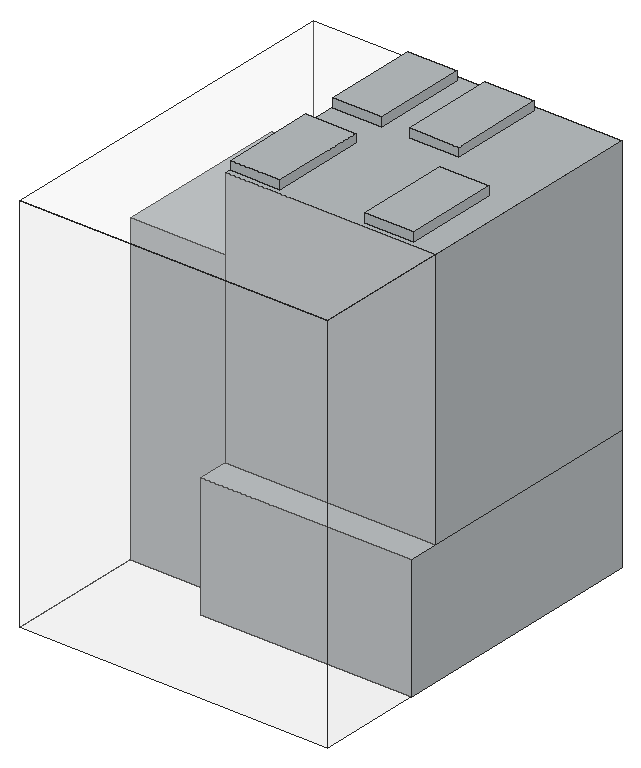
Revit family "lpb-350_500kx5-k_50Hz", category 機械設備, Revit 2019
Family settings
  丸型コネクタ寸法 = 直径を使用
  パーツ タイプ = 標準
  OmniClass 番号 = 23.75.10.34.21
  OmniClass タイトル = Heat Exchangers for Ventilation Air
  作業面ベース = いいえ
  常に垂直 = はい
  ロード時にボイドで切り取り = いいえ
  共有 = いいえ
  部屋計算ポイント = いいえ
Parameters (values of type "LPB-350KX5-K")
  騒音レベル(dB(A)) = 51
  風量 = 3500.0 m³/h
  面風速 = 6.43 m/s
  電源種別 [instance] = ""
  電圧 = 200 V
  電動機出力 = 2.2 W
  集中コントローラ = ""
  運転質量 = 0.00 kg
  連動 [instance] = ""
  質量 = if(製品質量 > 運転質量, 製品質量, 運転質量) * 1.2  # 700.80 kg
  負荷分類 = 3_ファン類
  説明 = "設備用ロスナイ 床置ビルトイン形機械室設置タイプ加湿付"
  設計風量 = 0.0 m³/h
  設置方法 = "床置形"
  記号 [instance] = ""
  製造元 = "三菱電機株式会社"
  製品質量 = 584.00 kg
  製品出荷対象 = "国内"
  製品リリース年月 = "2018/7/25"
  製品グループ = ""
  給水管_Width = 46 mm
  給水管_H = 316 mm
  給水管_D = 131 mm
  系統 [instance] = ""
  符号 = "HEU"
  積算_科目 = "1 空気調和設備"
  積算_拾い区分 [instance] = ""
  相 = 3
  盤記号 [instance] = ""
  発停方法 [instance] = ""
  特殊仕様 [instance] = ""
  火災停止 [instance] = ""
  温度交換効率 = 77.00%
  消費電力 = 2550 W
  法定耐用年数 = "15"
  機外静圧_排気 = 196.0 Pa
  機外静圧 = 196.0 Pa
  極数 = 3
  材質 [instance] = ""
  本体固定用穴ピッチ3 = 300 mm
  本体固定用穴ピッチ2 = 650 mm
  本体固定用穴ピッチ1 = 1710 mm
  本体固定用穴_径 = 20 mm
  本体マテリアル = 溶融亜鉛めっき鋼板
  有効加湿量 = 8.8
  操作・制御方式 = ""
  操作・制御スイッチ = ""
  排気量 = 0.0 m³/h
  形式 = "床置形"
  幹線記号 [instance] = ""
  対象室 [instance] = ""
  実風量 = 0.0 m³/h
  始動方式 [instance] = "直入"
  外気量 = 0.0 m³/h
  呼称 = "全熱交換ユニット"
  周波数 = 50 Hz
  参照している仕様書等のバージョン = "公共建築工事標準仕様書（機械設備工事編）平成31年度版"
  加湿給水管径 = 21.7 mm
  初期抵抗 = 0.0 Pa
  分類コード = "50052504100050"
  分類グループ = ""
  価格 = 8395000
  企業コード = "108420"
  付属品_フィルター_還気 = ""
  付属品_フィルター = ""
  付属品 [instance] = ""
  仕様書バージョン = "Version1.0"
  モデル = "LPB-350KX5-K"
  メンテナンススペース = yes
  ドレン管径 = 27.2 mm
  ドレン管_Width = 46 mm
  ドレン管_H = 65 mm
  ドレン管_D = 326 mm
  コメント [instance] = ""
  Keynote = ""
  エンタルピ交換効率_暖房 = 66.50%
  エンタルピ交換効率_冷房 = 60.50%
  Assembly Code = ""
  Width = 1200 mm
  W2 = 555 mm
  W1 = 1200 mm
  Version = ""
  Uniclass2015Version = "Systems v1.9"
  Uniclass2015Title = "Thermal wheels"
  Uniclass2015Code = "Pr_60_60_36_88"
  URL = "https://www.mitsubishielectric.co.jp/ldg/wink/ssl/displayProduct.do?pid=294068"
  SpecificationReference = ""
  SpecificationDescription = ""
  SAサイズ_W = 280 mm
  SAサイズ_D = 540 mm
  Revision = ""
  RAサイズ_W = 280 mm
  RAサイズ_D = 540 mm
  ProductInformation = ""
  OmniClassCode = "23-27 23 19 11"
  OAサイズ_W = 280 mm
  OAサイズ_D = 540 mm
  MIN風量 = 0.0 m³/h
  MIN静圧 = 0.0 Pa
  MID風量 = 0.0 m³/h
  MID静圧 = 0.0 Pa
  MAX風量 = 3500.0 m³/h
  MAX静圧 = 196.0 Pa
  IfcTypeProduct = ""
  IfcProduct = ""
  IfcExportType = "ROTARYWHEEL"
  IfcExportAs = "IfcAirToAirHeatRecoveryType"
  Height = 1486 mm
  H2 = 1750 mm
  H1 = 700 mm
  EAサイズ_W = 280 mm
  EAサイズ_D = 540 mm
  Duct_SA_W = 6 mm
  Duct_RA_W = 150 mm
  Duct_OA_W = 475 mm
  Duct_Height = 50 mm
  Duct_EA_W = 6 mm
  Duct_D = 30 mm
  Depth = 1328 mm
  D3 = 188 mm
  D2 = 1007 mm
  D1 = 1500 mm
  Clearance Top = 0 mm
  Clearance Right = 0 mm
  Clearance Left = 0 mm
  Clearance Front = 600 mm
  Clearance Bottom = 0 mm
  Clearance Back = 0 mm
  Author = "三菱電機株式会社"
Types (2, lengths in mm): name | 騒音レベル(dB(A)) | 風量 | 面風速 | 電動機出力 | 質量 | 製品質量 | 消費電力 | 機外静圧_排気 | 機外静圧 | 本体固定用穴ピッチ3 | 本体固定用穴ピッチ2 | 本体固定用穴ピッチ1 | 有効加湿量 | 価格 | モデル | ドレン管_D | Width | W1 | URL | SAサイズ_D | RAサイズ_D | OAサイズ_D | MAX風量 | MAX静圧 | Height | H2 | EAサイズ_D | Duct_RA_W | Duct_OA_W | Depth | D3 | D2 | D1
  LPB-350KX5-K | 51 | 3500.0 m³/h | 6.43 m/s | 2.2 W | 700.80 kg | 584.00 kg | 2550 W | 196.0 Pa | 196.0 Pa | 300 | 650 | 1710 | 8.8 | 8395000 | "LPB-350KX5-K" | 326 | 1200 | 1200 | "https://www.mitsubishielectric.co.jp/ldg/wink/ssl/displayProduct.do?pid=294068" | 540 | 540 | 540 | 3500.0 m³/h | 196.0 Pa | 1486 | 1750 | 540 | 150 | 475 | 1328 | 188 | 1007 | 1500
  LPB-500KX5-K | 55 | 5000.0 m³/h | 6.89 m/s | 3.7 W | 884.40 kg | 737.00 kg | 4250 W | 250.0 Pa | 250.0 Pa | 450 | 750 | 1810 | 12.5 | 10442000 | "LPB-500KX5-K" | 256 | 1300 | 1300 | "https://www.mitsubishielectric.co.jp/ldg/wink/ssl/displayProduct.do?pid=294069" | 720 | 720 | 720 | 5000.0 m³/h | 250.0 Pa | 1586 | 2000 | 720 | 202 | 528 | 1690 | 190 | 1240 | 1690
Reference planes
  plane 1 "中心(正面/背面)": y = 0
  plane 2: z = 0
  plane 3 "中心(左/右)": x = 0
  plane 4: z = 0
  plane 5: x = -600
  plane 6: y = 664
  plane 7: y = -664
  plane 8: x = 600
  plane 9: x = 600
  plane 10: y = 664
  plane 11: y = -836
  plane 12: x = -600
  plane 13: y = 664
  plane 14: y = -1436
  plane 15: x = -1155
  plane 16: y = -648
  plane 17: y = 359
  plane 18: x = 600
  plane 19: x = -1155
  plane 20: y = -634
  plane 21: y = -94
  plane 22: y = 634
  plane 23: y = 94
  plane 24: y = -634
  plane 25: y = -94
  plane 26: y = 634
  plane 27: y = 94
  plane 28: x = -594
  plane 29: x = -314
  plane 30: x = 450
  plane 31: x = 170
  plane 32: x = -594
  plane 33: x = -314
  plane 34: x = 125
  plane 35: x = -155
  plane 36: z = 700
  plane 37: z = 2186
  plane 38: z = 2236
  plane 39: z = 1750
  plane 40: y = -322
  plane 41: y = -517
  plane 42: z = 65
  plane 43: z = 316
  plane 44: x = -1201
  plane 45: x = -1201
  plane 46: x = 575
  plane 47: x = -1135
  plane 48: y = -86
  plane 49: y = -386
  plane 50: y = 214
  plane 51: y = -736
  plane 52: y = 564
  plane 53: z = 2186
Forms (mm)
  Extrusion 1, solid, material "溶融亜鉛めっき鋼板" <- "本体マテリアル", detail levels fine
    sketch origin (0, 0, 0) x (1, 0, 0) y (0, 1, 0)
      loop
        line (-600, -836) -> (600, -836) -> (600, 664) -> (-600, 664) -> (-600, -836)
    from 0 to 700
  Extrusion 2, solid, material "溶融亜鉛めっき鋼板" <- "本体マテリアル", detail levels fine
    sketch origin (0, 0, 0) x (1, 0, 0) y (0, 1, 0)
      loop
        line (600, 664) -> (-600, 664) -> (-600, -664) -> (600, -664) -> (600, 664)
    from 700 to 2186
  Extrusion 3, solid, material "溶融亜鉛めっき鋼板" <- "本体マテリアル", detail levels fine
    sketch origin (0, 0, 0) x (1, 0, 0) y (0, 1, 0)
      loop
        line (-594, 634) -> (-594, 94) -> (-314, 94) -> (-314, 634) -> (-594, 634)
      loop
        line (-155, 634) -> (-155, 94) -> (125, 94) -> (125, 634) -> (-155, 634)
      loop
        line (-594, -634) -> (-314, -634) -> (-314, -94) -> (-594, -94) -> (-594, -634)
      loop
        line (170, -634) -> (450, -634) -> (450, -94) -> (170, -94) -> (170, -634)
    from 2186 to 2236
  Extrusion 4, solid, material "溶融亜鉛めっき鋼板" <- "本体マテリアル", detail levels fine
    sketch origin (0, 0, 0) x (1, 0, 0) y (0, 1, 0)
      loop
        line (-1155, -648) -> (-600, -648) -> (-600, 359) -> (-1155, 359) -> (-1155, -648)
    from 0 to 1750
  Extrusion 5, solid, material "溶融亜鉛めっき鋼板" <- "本体マテリアル", detail levels fine
    sketch origin (0, 0, 0) x (0, 1, 0) y (0, 0, 1)
      loop
        circle (-322, 65) r 13.6
    from -1201 to -1155
  Extrusion 6, solid, material "溶融亜鉛めっき鋼板" <- "本体マテリアル", detail levels fine
    sketch origin (0, 0, 0) x (0, 1, 0) y (0, 0, 1)
      loop
        circle (-517, 316) r 10.85
    from -1201 to -1155
Lines and regions (mm)
  Masking region 1, detail levels coarse+medium
    outline origin (1331.5, 88, 0) x (1, 0, 0) y (0, 1, 0)
      loop
        line (-1931.5, 576) -> (-1931.5, -752) -> (-731.5, -752) -> (-731.5, 576) -> (-1931.5, 576)
  symbolic lines, detail levels coarse+medium
    curve 1: line (0, 664, 0) -> (-600, 0, 0)
    curve 2: line (-600, 0, 0) -> (0, -664, 0)
    curve 3: line (0, -664, 0) -> (600, 0, 0)
    curve 4: line (0, 664, 0) -> (600, 0, 0)
Dimensions and locks
  equal spacing: plane 5, plane 3 "中心(左/右)", plane 8
  "Width": plane 5 to plane 8
  equal spacing: plane 6, plane 1 "中心(正面/背面)", plane 7
  "Depth": plane 7 to plane 6
  "D1": plane 10 to plane 11
  locked: plane 6 to plane 10 at 0
  equal spacing: plane 12, plane 3 "中心(左/右)", plane 9
  "W1": plane 12 to plane 9
  "Clearance Back": plane 13 to plane 10
  "Clearance Front": plane 11 to plane 14
  "D3": plane 16 to plane 11
  "D2": plane 17 to plane 16
  "W2": plane 15 to plane 12
  "Clearance Right": plane 9 to plane 18
  "Clearance Left": plane 19 to plane 15
  "Duct_D": plane 7 to plane 20
  "RAサイズ_D": plane 21 to plane 20
  "OAサイズ_D": plane 23 to plane 22
  "Duct_D": plane 22 to plane 6
  "Duct_D": plane 7 to plane 24
  "SAサイズ_D": plane 24 to plane 25
  "EAサイズ_D": plane 26 to plane 27
  "Duct_D": plane 6 to plane 26
  "Duct_SA_W": plane 5 to plane 28
  "SAサイズ_W": plane 28 to plane 29
  "RAサイズ_W": plane 30 to plane 31
  "Duct_RA_W": plane 30 to plane 8
  "EAサイズ_W": plane 32 to plane 33
  "OAサイズ_W": plane 34 to plane 35
  "Duct_EA_W": plane 5 to plane 32
  "Duct_OA_W": plane 34 to plane 8
  "H1": plane 36 to level
  "Height": plane 37 to plane 36
  "Duct_Height": plane 38 to plane 37
  "H2": plane 39 to level
  "ドレン管_H": plane 42 to level
  "給水管_H": plane 43 to level
  "給水管_Width": plane 44 to plane 15
  "ドレン管_Width": plane 45 to plane 15
  "本体固定用穴ピッチ1": plane 47 to plane 46
  locked: plane 46 to plane 8 at 25
  equal spacing: plane 10, plane 48, plane 11
  "本体固定用穴ピッチ3": plane 49 to plane 48 to plane 50
  "本体固定用穴ピッチ2": plane 51 to plane 48 to plane 52
  "Clearance Top": plane 53 to plane 37
  "給水管_D": plane 41 to plane 16
  "ドレン管_D": plane 40 to plane 16
  "ドレン管径": diameter of Extrusion 5 sketch curve
  "加湿給水管径": diameter of Extrusion 6 sketch curve
  aligned and locked: level to plane 2
  aligned and locked: Masking region 1 to plane 8
  aligned and locked: plane 6 to Masking region 1
  aligned and locked: Masking region 1 to plane 5
  aligned and locked: plane 7 to Masking region 1
  aligned and locked: plane 1 "中心(正面/背面)" to curve 2
  aligned and locked: plane 7 to curve 3
  aligned and locked: plane 6 to curve 4
  aligned and locked: plane 1 "中心(正面/背面)" to curve 3
  aligned and locked: plane 5 to curve 1
  aligned and locked: Extrusion 1 sketch curve to plane 11
  aligned and locked: plane 12 to Extrusion 1 sketch curve
  aligned and locked: plane 10 to Extrusion 1 sketch curve
  aligned and locked: plane 9 to Extrusion 1 sketch curve
  aligned and locked: plane 6 to Extrusion 2 sketch curve
  aligned and locked: Extrusion 2 sketch curve to plane 8
  aligned and locked: plane 7 to Extrusion 2 sketch curve
  aligned and locked: Extrusion 2 sketch curve to plane 5
  aligned and locked: Extrusion 3 sketch curve to plane 26
  aligned and locked: plane 32 to Extrusion 3 sketch curve
  aligned and locked: plane 27 to Extrusion 3 sketch curve
  aligned and locked: Extrusion 3 sketch curve to plane 33
  aligned and locked: plane 22 to Extrusion 3 sketch curve
  aligned and locked: Extrusion 3 sketch curve to plane 35
  aligned and locked: Extrusion 3 sketch curve to plane 23
  aligned and locked: plane 34 to Extrusion 3 sketch curve
  aligned and locked: plane 24 to Extrusion 3 sketch curve
  aligned and locked: Extrusion 3 sketch curve to plane 28
  aligned and locked: Extrusion 3 sketch curve to plane 25
  aligned and locked: plane 29 to Extrusion 3 sketch curve
  aligned and locked: Extrusion 3 sketch curve to plane 20
  aligned and locked: plane 31 to Extrusion 3 sketch curve
  aligned and locked: plane 21 to Extrusion 3 sketch curve
  aligned and locked: Extrusion 3 sketch curve to plane 30
  aligned and locked: Extrusion 4 sketch curve to plane 16
  aligned and locked: Extrusion 4 sketch curve to plane 15
  aligned and locked: Extrusion 4 sketch curve to plane 17
  aligned and locked: Extrusion 4 sketch curve to plane 12
  aligned and locked: plane 38 to Extrusion 3
  aligned and locked: Extrusion 3 to plane 37
  aligned and locked: plane 37 to Extrusion 2
  aligned and locked: Extrusion 2 to plane 36
  aligned and locked: Extrusion 1 to level
  aligned and locked: plane 39 to Extrusion 4
  aligned and locked: Extrusion 4 to level
  aligned and locked: nested 2 to plane 48
  aligned and locked: nested 2 to plane 47
  aligned and locked: plane 46 to nested 2
  aligned and locked: plane 47 to nested 1
  aligned and locked: nested 1 to plane 49
  aligned and locked: nested 1 to plane 50
  aligned and locked: plane 46 to nested 3
  aligned and locked: plane 51 to nested 3
  aligned and locked: nested 3 to plane 52
  aligned and locked: nested 4 to plane 19
  aligned and locked: nested 4 to plane 18
  aligned and locked: nested 4 to plane 14
  aligned and locked: nested 4 to plane 13
  aligned and locked: plane 53 to nested 4
  aligned and locked: level to nested 4
  aligned and locked: Extrusion 6 to plane 44
  aligned and locked: plane 15 to Extrusion 6
  aligned and locked: Extrusion 5 to plane 45
  aligned and locked: plane 15 to Extrusion 5
Automatic sketch dimensions
  Extrusion 5 sketch curve to plane 40 = 0 mm
  Extrusion 5 sketch curve to plane 42 = 0 mm
  Extrusion 6 sketch curve to plane 41 = 0 mm
  Extrusion 6 sketch curve to plane 43 = 0 mm
  curve 2 to plane 3 "中心(左/右)" = 0 mm
  curve 4 to plane 3 "中心(左/右)" = 0 mm
  curve 4 to plane 8 = 0 mm
  Masking region 1 sketch curve to plane 5 = 0 mm
  plane 7 to Masking region 1 sketch curve = 0 mm
  Masking region 1 sketch curve to plane 8 = 0 mm
  Masking region 1 sketch curve to plane 6 = 0 mm
Nested families
  nested 1: "固定点" at (-1135, 214, 0) x (0, -1, 0) z (0, 0, 1), type "固定点"
    with W 600 mm, D 1000 mm
  nested 2: "固定点" at (-1135, -86, 0), type "固定点"
    with W 1710 mm, D 1000 mm
  nested 3: "固定点" at (575, -736, 0) x (0, 1, 0) z (0, 0, 1), type "固定点"
    with W 1300 mm, D 1000 mm
  nested 4: "メンテナンススペース" at (-277.5, -386, 1093), visible <- "メンテナンススペース", type "メンテナンススペース"
    with Width 1755 mm, Height 2186 mm, Depth 2100 mm
Connectors
  hvac at (-454, -364, 2236), driven by "機外静圧", driven by "風量", driven by "SAサイズ_D", driven by "SAサイズ_W"
    settings: on Extrusion 3, index 1, duct flow 3500.0 m³/h, flow factor 0, pres drop 196.0 Pa, loss coef 0, conn angle 0.00°, conn width 280 mm, conn height 540 mm, conn diameter 609.6 mm, duct sys type 1, conn prof type 1, flow config 0, flow direction 2, loss method 4, conn ref index -1, conn util no, is conn primary yes, conn desc ""
  hvac at (310, -364, 2236), driven by "機外静圧", driven by "風量", driven by "RAサイズ_D", driven by "RAサイズ_W"
    settings: on Extrusion 3, index 2, duct flow 3500.0 m³/h, flow factor 0, pres drop 196.0 Pa, loss coef 0, conn angle 0.00°, conn width 280 mm, conn height 540 mm, conn diameter 609.6 mm, duct sys type 2, conn prof type 1, flow config 0, flow direction 1, loss method 4, conn ref index -1, conn util no, is conn primary no, conn desc ""
  hvac at (-454, 364, 2236), driven by "EAサイズ_D", driven by "EAサイズ_W", driven by "機外静圧_排気", driven by "風量"
    settings: on Extrusion 3, index 3, duct flow 3500.0 m³/h, flow factor 0, pres drop 196.0 Pa, loss coef 0, conn angle 0.00°, conn width 280 mm, conn height 540 mm, conn diameter 609.6 mm, duct sys type 3, conn prof type 1, flow config 0, flow direction 2, loss method 4, conn ref index -1, conn util no, is conn primary no, conn desc ""
  hvac at (-15, 364, 2236), driven by "機外静圧", driven by "風量", driven by "OAサイズ_D", driven by "OAサイズ_W"
    settings: on Extrusion 3, index 4, duct flow 3500.0 m³/h, flow factor 0, pres drop 196.0 Pa, loss coef 0, conn angle 0.00°, conn width 280 mm, conn height 540 mm, conn diameter 609.6 mm, duct sys type 4, conn prof type 1, flow config 0, flow direction 1, loss method 4, conn ref index -1, conn util no, is conn primary no, conn desc ""
  electrical at (0, -664, 1443), driven by "極数", driven by "負荷分類", driven by "電圧", driven by "消費電力"
    settings: on Extrusion 2, index 6, voltage 200 V, apparent load 2550 VA, apparent load phase1 0 VA, apparent load phase2 0 VA, apparent load phase3 0 VA, power factor 1, load classification "3_ファン類", number of poles 3, system type 30, power factor state 1, is connector primary yes, connector utility no, sub classification motor no, connector description ""
  piping at (-1201, -517, 316), diameter 21.7, driven by "加湿給水管径"
    settings: on Extrusion 6, index 7, connector inside diameter 609.6 mm, connector length 0 mm, flow factor 0, pipe flow 0.0 L/s, pressure drop 0.0 Pa, fitting loss kfactor 0, connector angle 0.00°, fixture units 0, engagement length 0 mm, angle of deflection 0.00°, flow configuration 0, flow direction 1, fitting loss method 4, system type 20, joint type 0, gender type 0, connector reference index -1, connector utility 0, adjustable connector no, is connector primary yes, connector description ""
  piping at (-1201, -322, 65), diameter 27.2, driven by "ドレン管径"
    settings: on Extrusion 5, index 8, connector inside diameter 609.6 mm, connector length 0 mm, flow factor 0, pipe flow 0.0 L/s, pressure drop 0.0 Pa, fitting loss kfactor 0, connector angle 0.00°, fixture units 0, engagement length 0 mm, angle of deflection 0.00°, flow configuration 0, flow direction 2, fitting loss method 4, system type 16, joint type 0, gender type 0, connector reference index -1, connector utility 0, adjustable connector no, is connector primary no, connector description ""
Definition of nested family "メンテナンススペース"
  Parameters (values of type "メンテナンススペース")
    Width [instance] = 500 mm
    Height [instance] = 500 mm
    Depth [instance] = 500 mm
  Reference planes
    plane 1 "中心(正面/背面)": y = 0
    plane 2: z = 0
    plane 3 "中心(左/右)": x = 0
    plane 4: y = -250
    plane 5: x = 250
    plane 6: y = 250
    plane 7: x = -250
    plane 8: z = 250
    plane 9: z = -250
  Forms (mm)
    Extrusion 1, solid
      sketch origin (-638.939, 0, 72.39) x (1, 0, 0) y (0, 1, 0)
        loop
          line (388.939, 250) -> (388.939, -250) -> (888.939, -250) -> (888.939, 250) -> (388.939, 250)
      from -322.39 to 177.61
  Lines and regions (mm)
    symbolic lines
      curve 1: line (-250, 0, 250) -> (250, 0, 250)
      curve 2: line (-250, 0, -250) -> (-250, 0, 250)
      curve 3: line (250, 0, -250) -> (-250, 0, -250)
      curve 4: line (250, 0, 250) -> (250, 0, -250)
      curve 5: line (0, -250, 250) -> (0, 250, 250)
      curve 6: line (0, -250, -250) -> (0, -250, 250)
      curve 7: line (0, 250, -250) -> (0, -250, -250)
      curve 8: line (0, 250, 250) -> (0, 250, -250)
      curve 9: line (-250, 250, 0) -> (250, 250, 0)
      curve 10: line (-250, -250, 0) -> (-250, 250, 0)
      curve 11: line (250, -250, 0) -> (-250, -250, 0)
      curve 12: line (250, 250, 0) -> (250, -250, 0)
  Dimensions and locks
    equal spacing: plane 7, plane 3 "中心(左/右)", plane 5
    equal spacing: plane 4, plane 1 "中心(正面/背面)", plane 6
    "Depth": plane 4 to plane 6
    "Width": plane 7 to plane 5
    equal spacing: plane 8, plane 2, plane 9
    "Height": plane 8 to plane 9
    aligned and locked: plane 9 to curve 3
    aligned and locked: plane 7 to curve 2
    aligned and locked: curve 4 to plane 5
    aligned and locked: plane 5 to Extrusion 1
    aligned and locked: Extrusion 1 to plane 7
    aligned and locked: Extrusion 1 to plane 9
    aligned and locked: plane 8 to Extrusion 1
    aligned and locked: plane 9 to curve 7
  Automatic sketch dimensions
    plane 4 to Extrusion 1 sketch curve = 0 mm
    Extrusion 1 sketch curve to plane 7 = 0 mm
    Extrusion 1 sketch curve to plane 5 = 0 mm
    plane 6 to Extrusion 1 sketch curve = 0 mm
    curve 2 to plane 8 = 0 mm
    plane 4 to curve 11 = 0 mm
    curve 11 to plane 7 = 0 mm
    curve 11 to plane 5 = 0 mm
    plane 6 to curve 10 = 0 mm
    curve 7 to plane 4 = 0 mm
    curve 7 to plane 6 = 0 mm
    curve 6 to plane 8 = 0 mm
Definition of nested family "固定点"
  Parameters (values of type "固定点")
    中心円 = 20 mm
    W [instance] = 1000 mm
    D [instance] = 1000 mm
  Reference planes
    plane 1 "中心(正面/背面)": y = 0
    plane 2: z = 0
    plane 3 "中心(左/右)": x = 0
    plane 4: x = 1000
  Lines and regions (mm)
    symbolic lines, detail levels fine
      curve 1: circle (0, 0, 0) r 10 normal (0, 0, 1)
      curve 2: circle (1000, 0, 0) r 10 normal (0, 0, 1)
      curve 3: line (-200, 0, 0) -> (1200, 0, 0)
      curve 4: line (0, 200, 0) -> (0, -200, 0)
      curve 5: line (1000, 200, 0) -> (1000, -200, 0)
  Dimensions and locks
    "W": plane 3 "中心(左/右)" to plane 4
    "中心円": diameter of curve 1
    "中心円": diameter of curve 2
    aligned and locked: level to plane 2
    aligned and locked: plane 3 "中心(左/右)" to curve 1
    aligned and locked: plane 1 "中心(正面/背面)" to curve 1
    aligned and locked: plane 1 "中心(正面/背面)" to curve 2
    aligned and locked: plane 4 to curve 2
    aligned and locked: plane 1 "中心(正面/背面)" to curve 3
    aligned and locked: curve 4 to plane 3 "中心(左/右)"
    aligned and locked: curve 5 to plane 4
  Automatic sketch dimensions
    curve 3 to plane 3 "中心(左/右)" = 200 mm
    curve 2 to curve 3 = 200 mm
    plane 1 "中心(正面/背面)" to curve 4 = 200 mm
    plane 1 "中心(正面/背面)" to curve 5 = 200 mm
    curve 5 to plane 1 "中心(正面/背面)" = 200 mm
    curve 4 to plane 1 "中心(正面/背面)" = 200 mm
